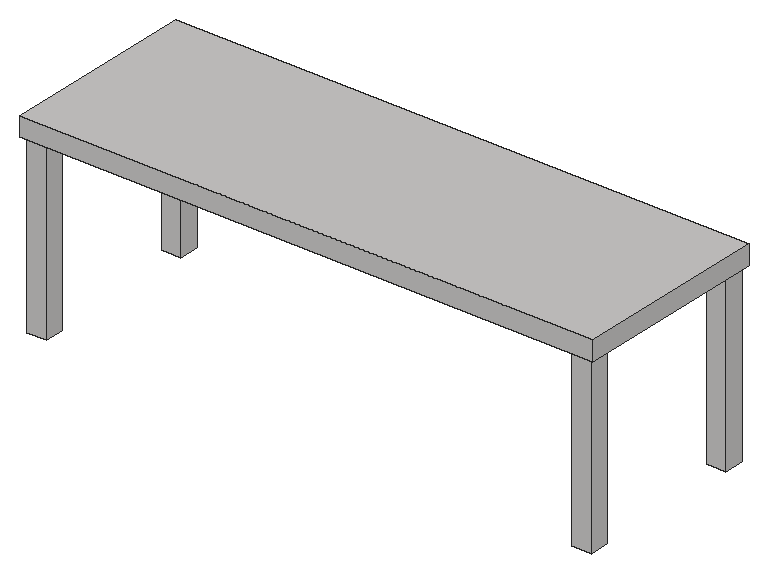
Revit family "QF_ZANUSSI_132989_OSH1L12", category Attrezzature speciali, Revit 2021
Family settings
  Quota connettore circolare = Usa diametro
  Tipo di parte = Normale
  Basato su piano di lavoro = No
  Sempre verticale = Sì
  Taglio con vuoti quando caricato = No
  Condiviso = No
  Punto di calcolo locali = No
Parameters (values of type "Standard")
  Weight = 20.00 kg
  Watts = 550 W
  Volts = 220 V
  URL Manufacturer = "http://www.zanussiprofessional.com"
  URL = "http://www.zanussiprofessional.com"
  Steam Supply Size = 0 mm
  Steam Supply Minimum Pressure = 0.0 Pa
  Steam Supply Maximum Pressure = 0.0 Pa
  Steam Consumption per Hour = 0
  Refrigeration Suction Line Size = 0.0 mm
  Refrigeration Liquid Line Size = 0.0 mm
  Refrigerant Compressor Remote = yes
  Prospetto di default = 0.0 mm
  Phase = 1
  Modello = "OSH1L12"
  Produttore = "Zanussi"
  Length Actual = 1175.0 mm  # constant formula
  Item Number = "132989"
  Hot Water Size = 0 mm
  Height Actual = 400.0 mm  # constant formula
  HP = "0.7 HP"
  Gas Size = 0 mm
  Gas KW = 0
  Gas Input Pressure = 0 W
  Direct Waste Size = 0 mm
  Descrizione = "OVERSHELF, LED&CERAMIC, ONE TIER, 1200MM"
  Depth Actual = 400.0 mm  # constant formula
  Cycle = 50 Hz
  Condensate Return Size = 0 mm
  Compressed Air Volume = 0.0 L/s
  Compressed Air Size = 0 mm
  Compressed Air Pressure = 0.0 Pa
  Cold Water Size = 0 mm
  Accessory = yes
Reference planes
  plane 1 "Center (Front/Back)": y = 0
  plane 2: z = 0
  plane 3 "Center (Left/Right)": x = -87.5
  plane 4 "LEFT": x = -675
  plane 5 "RIGHT": x = 500
  plane 6 "BACK": y = 350
  plane 7 "FRONT": y = -50
  plane 8 "Base": z = 1260
  plane 9 "TOP": z = 1300
  plane 10: x = -647.2
  plane 11: x = 472.2
  plane 12: y = 322.2
  plane 13: y = -22.2
  plane 14: z = 900
  plane 15 "HotElemLeft": x = -447.5
  plane 16 "HotElemRight": x = 272.5
  plane 17 "Button": x = 242.5
  plane 18 "Pulsante": through (0, 98.177, 1177.215) normal (0, 0.9659, -0.2588)
  plane 19: x = -417.5
  plane 20 "LedRight": x = 367.5
  plane 21 "LedLeft": x = -542.5
Forms (mm)
  Extrusion 1, solid, material "QF_Finishes_Stainless Steel"
    sketch origin (-87.5, 0, 900) x (0, 1, 0) y (0, 0, 1)
      loop
        line (-50, 360) -> (350, 360) -> (350, 400) -> (-50, 400) -> (-50, 360)
    from 587.5 to -587.5
  Extrusion 2, solid, material "QF_Finishes_Stainless Steel"
    sketch origin (-447.5, 0, 0) x (0, 0, -1) y (0, -1, 0)
      loop
        line (-1260, -125) -> (-1260, -175) -> (-1240, -175) -> (-1240, -185) -> (-1177.215, -201.823) -> (-1177.215, -189.823) -> (-1200.196, -170.54) -> (-1200.196, -129.46) -> (-1177.215, -110.177) -> (-1177.215, -98.177) -> (-1240, -115) -> (-1240, -125) -> (-1260, -125)
    from -2 to 0
  Extrusion 3, solid, material "QF_Finishes_Stainless Steel"
    sketch origin (272.5, 0, 0) x (0, 0, -1) y (0, -1, 0)
      loop
        line (-1260, -125) -> (-1260, -175) -> (-1240, -175) -> (-1240, -185) -> (-1177.215, -201.823) -> (-1177.215, -189.823) -> (-1200.196, -170.54) -> (-1200.196, -129.46) -> (-1177.215, -110.177) -> (-1177.215, -98.177) -> (-1240, -115) -> (-1240, -125) -> (-1260, -125)
    from 0 to 2
  Extrusion 4, solid, material "QF_Finishes_Stainless Steel"
    sketch origin (-87.5, 0, 0) x (0, 1, 0) y (0, 0, 1)
      loop
        line (175, 1260) -> (125, 1260) -> (125, 1240) -> (115, 1240) -> (98.177, 1177.215) -> (110.177, 1177.215) -> (110.177, 1179.215) -> (100.783, 1179.215) -> (116.535, 1238) -> (127, 1238) -> (127, 1258) -> (173, 1258) -> (173, 1238) -> (183.465, 1238) -> (199.217, 1179.215) -> (189.823, 1179.215) -> (189.823, 1177.215) -> (201.823, 1177.215) -> (185, 1240) -> (175, 1240) -> (175, 1260)
      loop
        line (170.54, 1200.196) -> (170.54, 1202.196) -> (129.46, 1202.196) -> (129.46, 1200.196) -> (170.54, 1200.196)
    from 358 to -358
  Extrusion 5, solid, material "QF_Plastic-Black-Matte"
    sketch origin (80.054, -206.22, 41.192) x (0, -0.258819, -0.965926) y (-1, 0, 0)
      loop
        line (-1235.373, -146.446) -> (-1235.373, -178.446) -> (-1215.373, -178.446) -> (-1215.373, -146.446) -> (-1235.373, -146.446)
      loop
        line (-1233.373, -148.446) -> (-1233.373, -176.446) -> (-1217.373, -176.446) -> (-1217.373, -148.446) -> (-1233.373, -148.446)
    from 0 to -2
  Sweep 6, solid, material "QF_Finishes_Green"
    path origin (80.054, -206.22, 41.192) x (0, -0.258819, -0.965926) y (-1, 0, 0)
      loop
        line (-1233.373, -148.446) -> (-1217.373, -148.446)
    profile origin (228.5, 110.93, 1224.811) x (-1, 0, 0) y (0, 0.965926, -0.258819)
      loop
        line (0, 0) -> (-28, 0) -> (-28, -2) -> (-14, -2) -> (-2.294, -8) -> (0, 0)
  Extrusion 7, solid, material "QF_Finishes_Light"
    sketch origin (-87.5, 0, 0) x (0, 1, 0) y (0, 0, 1)
      loop
        arc (175.262, 1176.834) -> (179.051, 1178.162) -> (178.135, 1182.071) r 3.003
        arc (178.135, 1182.071) -> (168.398, 1186.322) -> (158.051, 1188.738) r 58.388
        line (158.051, 1188.738) -> (158.051, 1200.196) -> (141.949, 1200.196) -> (141.949, 1189.541)
        arc (141.949, 1189.541) -> (131.603, 1187.125) -> (121.866, 1182.874) r 58.388
        arc (121.866, 1182.874) -> (120.548, 1178.491) -> (124.821, 1176.854) r 3.362
        arc (124.821, 1176.854) -> (150.044, 1183.315) -> (175.262, 1176.834) r 52.386
    from -330 to 330
  Extrusion 8, void
    sketch origin (-87.5, 0, 0) x (0, 1, 0) y (0, 0, 1)
      loop
        line (297.2, 1260) -> (297.2, 1270) -> (277.2, 1270) -> (277.2, 1260) -> (297.2, 1260)
    from -455 to 455
  Extrusion 9, solid, material "QF_Finishes_Light"
    sketch origin (-87.5, 0, 0) x (0, 1, 0) y (0, 0, 1)
      loop
        line (297.2, 1270) -> (277.2, 1270) -> (277.2, 1260) -> (297.2, 1260) -> (297.2, 1270)
    from -455 to 455
Cuts and joins
  Extrusion 8 cuts Extrusion 1
Lines and regions (mm)
  symbolic lines
    curve 1: line (500, 350, 1300) -> (-675, 350, 1300)
    curve 2: line (-675, 350, 1300) -> (-675, -50, 1300)
    curve 3: line (-675, -50, 1300) -> (500, -50, 1300)
    curve 4: line (500, -50, 1300) -> (500, 350, 1300)
    curve 5: line (-675, -50, 1300) -> (500, 350, 1300)
  symbolic lines, style "SpecialityEquipmentHiddenLines"
    curve 6: line (-667.2, -2.2, 1300) -> (-627.2, -2.2, 1300)
    curve 7: line (-627.2, -2.2, 1300) -> (-627.2, -42.2, 1300)
    curve 8: line (-627.2, -42.2, 1300) -> (-667.2, -42.2, 1300)
    curve 9: line (-667.2, -42.2, 1300) -> (-667.2, -2.2, 1300)
    curve 10: line (-667.2, 342.2, 1300) -> (-627.2, 342.2, 1300)
    curve 11: line (-627.2, 342.2, 1300) -> (-627.2, 302.2, 1300)
    curve 12: line (-627.2, 302.2, 1300) -> (-667.2, 302.2, 1300)
    curve 13: line (-667.2, 302.2, 1300) -> (-667.2, 342.2, 1300)
    curve 14: line (452.2, 342.2, 1300) -> (492.2, 342.2, 1300)
    curve 15: line (492.2, 342.2, 1300) -> (492.2, 302.2, 1300)
    curve 16: line (492.2, 302.2, 1300) -> (452.2, 302.2, 1300)
    curve 17: line (452.2, 302.2, 1300) -> (452.2, 342.2, 1300)
    curve 18: line (452.2, -2.2, 1300) -> (492.2, -2.2, 1300)
    curve 19: line (492.2, -2.2, 1300) -> (492.2, -42.2, 1300)
    curve 20: line (492.2, -42.2, 1300) -> (452.2, -42.2, 1300)
    curve 21: line (452.2, -42.2, 1300) -> (452.2, -2.2, 1300)
Dimensions and locks
  plane 4 "LEFT" to plane 5 "RIGHT" = 1175.0 mm
  equal spacing: plane 4 "LEFT", plane 3 "Center (Left/Right)", plane 5 "RIGHT"
  plane 4 "LEFT" to plane 10 = 27.8 mm
  plane 11 to plane 5 "RIGHT" = 27.8 mm
  plane 10 to plane 11 = 1119.4 mm
  plane 6 "BACK" to plane 12 = 27.8 mm
  plane 13 to plane 7 "FRONT" = 27.8 mm
  plane 6 "BACK" to plane 7 "FRONT" = 400.0 mm
  plane 12 to plane 13 = 344.4 mm
  plane 6 "BACK" to plane 1 "Center (Front/Back)" to plane 7 "FRONT" = 350.0 mm, 50.0 mm
  plane 14 to level = 900.0 mm
  locked: plane 8 "Base" to plane 14 at 360
  locked: plane 9 "TOP" to plane 14 at 400
  plane 3 "Center (Left/Right)" to plane 15 "HotElemLeft" = 360.0 mm
  plane 16 "HotElemRight" to plane 3 "Center (Left/Right)" = 360.0 mm
  locked: plane 17 "Button" to plane 16 "HotElemRight" at 30
  locked: plane 15 "HotElemLeft" to plane 19 at 30
  plane 3 "Center (Left/Right)" to plane 21 "LedLeft" = 455.0 mm
  plane 20 "LedRight" to plane 3 "Center (Left/Right)" = 455.0 mm
  aligned and locked: level to plane 2
  aligned and locked: plane 10 to nested 1
  aligned and locked: nested 1 to plane 13
  aligned and locked: plane 11 to nested 2
  aligned and locked: nested 2 to plane 13
  aligned and locked: plane 11 to nested 4
  aligned and locked: nested 4 to plane 12
  aligned and locked: plane 10 to nested 3
  aligned and locked: nested 3 to plane 12
  aligned and locked: Extrusion 1 to plane 4 "LEFT"
  aligned and locked: plane 5 "RIGHT" to Extrusion 1
  aligned and locked: curve 2 to plane 4 "LEFT"
  aligned and locked: plane 15 "HotElemLeft" to Extrusion 2
  aligned and locked: Extrusion 3 to plane 16 "HotElemRight"
  aligned and locked: Extrusion 4 to Extrusion 2
  aligned and locked: Extrusion 4 to Extrusion 3
  aligned and locked: plane 17 "Button" to Sweep 6
  aligned and locked: Extrusion 7 to plane 19
  aligned and locked: plane 17 "Button" to Extrusion 7
  aligned and locked: cut or joined group of Extrusion 1, Extrusion 8 to plane 21 "LedLeft"
  aligned and locked: plane 20 "LedRight" to cut or joined group of Extrusion 1, Extrusion 8
  aligned and locked: Extrusion 9 to plane 21 "LedLeft"
  aligned and locked: plane 20 "LedRight" to Extrusion 9
Automatic sketch dimensions
  curve 4 to plane 5 "RIGHT" = 0.0 mm
  curve 4 to plane 7 "FRONT" = 0.0 mm
  curve 4 to plane 6 "BACK" = 0.0 mm
  plane 7 "FRONT" to curve 20 = 7.8 mm
  plane 7 "FRONT" to curve 9 = 7.8 mm
  plane 1 "Center (Front/Back)" to curve 6 = 2.2 mm
  plane 1 "Center (Front/Back)" to curve 21 = 2.2 mm
  curve 11 to plane 12 = 20.0 mm
  curve 17 to plane 12 = 20.0 mm
  curve 15 to plane 6 "BACK" = 7.8 mm
  curve 13 to plane 6 "BACK" = 7.8 mm
  curve 19 to plane 5 "RIGHT" = 7.8 mm
  curve 15 to plane 5 "RIGHT" = 7.8 mm
  curve 16 to plane 11 = 20.0 mm
  curve 18 to plane 11 = 20.0 mm
  plane 10 to curve 11 = 20.0 mm
  plane 10 to curve 6 = 20.0 mm
  plane 4 "LEFT" to curve 9 = 7.8 mm
  plane 4 "LEFT" to curve 10 = 7.8 mm
  Extrusion 1 sketch curve to plane 7 "FRONT" = 0.0 mm
  Extrusion 1 sketch curve to plane 6 "BACK" = 0.0 mm
  Extrusion 1 sketch curve to plane 8 "Base" = 0.0 mm
  Extrusion 1 sketch curve to plane 9 "TOP" = 0.0 mm
  Extrusion 2 sketch curve to plane 8 "Base" = 0.0 mm
  Extrusion 2 sketch curve to plane 8 "Base" = 20.0 mm  (x2)
  Extrusion 2 sketch curve to Extrusion 2 sketch curve = 39.804 mm
  Extrusion 2 sketch curve to Extrusion 2 sketch curve = 22.981 mm  (x2)
  Extrusion 2 sketch curve to plane 12 = 120.377 mm
  Extrusion 2 sketch curve to Extrusion 2 sketch curve = 12.0 mm  (x2)
  Extrusion 2 sketch curve to Extrusion 2 sketch curve = 4.823 mm
  Extrusion 2 sketch curve to Extrusion 2 sketch curve = 10.0 mm  (x2)
  Extrusion 2 sketch curve to Extrusion 2 sketch curve = 19.284 mm  (x2)
  Extrusion 2 sketch curve to Extrusion 2 sketch curve = 41.079 mm
  Extrusion 2 sketch curve to Extrusion 2 sketch curve = 50.0 mm
  Extrusion 3 sketch curve to plane 8 "Base" = 0.0 mm
  Extrusion 3 sketch curve to Extrusion 3 sketch curve = 20.0 mm
  Extrusion 3 sketch curve to plane 8 "Base" = 20.0 mm
  Extrusion 3 sketch curve to Extrusion 3 sketch curve = 39.804 mm
  Extrusion 3 sketch curve to Extrusion 3 sketch curve = 22.981 mm  (x2)
  Extrusion 3 sketch curve to plane 12 = 120.377 mm
  Extrusion 3 sketch curve to Extrusion 3 sketch curve = 12.0 mm  (x2)
  Extrusion 3 sketch curve to Extrusion 3 sketch curve = 4.823 mm
  Extrusion 3 sketch curve to Extrusion 3 sketch curve = 10.0 mm  (x2)
  Extrusion 3 sketch curve to Extrusion 3 sketch curve = 19.284 mm  (x2)
  Extrusion 3 sketch curve to Extrusion 3 sketch curve = 41.079 mm
  Extrusion 3 sketch curve to Extrusion 3 sketch curve = 50.0 mm
  plane 17 "Button" to Extrusion 5 sketch curve = 16.0 mm
  Extrusion 5 sketch curve to Extrusion 5 sketch curve = 20.0 mm
  Extrusion 5 sketch curve to Extrusion 5 sketch curve = 32.0 mm
  Extrusion 5 sketch curve to Extrusion 5 sketch curve = 2.0 mm  (x4)
  Sweep 6 sketch curve to plane 17 "Button" = 14.0 mm
  Sweep 6 sketch curve to Sweep 6 sketch curve = 16.0 mm
  plane 18 "Pulsante" to Sweep 6 sketch curve = 0.0 mm
  Sweep 6 sketch curve to profile plane = 0.0 mm
  Sweep 6 sketch curve to plane 18 "Pulsante" = 2.0 mm
  profile plane to Sweep 6 sketch curve = 14.0 mm
  Sweep 6 sketch curve to Sweep 6 sketch curve = 14.0 mm
  profile plane to Sweep 6 sketch curve = 2.294 mm
  Sweep 6 sketch curve to plane 18 "Pulsante" = 8.0 mm
  Extrusion 7 sketch curve to Extrusion 7 sketch curve = 0.021 mm
  Extrusion 7 sketch curve to plane 1 "Center (Front/Back)" = 123.566 mm
  Extrusion 7 sketch curve to Extrusion 7 sketch curve = 18.383 mm
  Extrusion 7 sketch curve to Extrusion 7 sketch curve = 16.102 mm
  Extrusion 7 sketch curve to Extrusion 7 sketch curve = 18.367 mm
  Extrusion 7 sketch curve to plane 8 "Base" = 129.071 mm
  Extrusion 7 sketch curve to Extrusion 7 sketch curve = 1.7 mm
  Extrusion 7 sketch curve to Extrusion 7 sketch curve = 1.255 mm
  Extrusion 7 sketch curve to Extrusion 7 sketch curve = 1.156 mm
  Extrusion 7 sketch curve to Extrusion 7 sketch curve = 1.717 mm
  Extrusion 7 sketch curve to Extrusion 7 sketch curve = 3.119 mm
  Extrusion 7 sketch curve to Extrusion 7 sketch curve = 0.023 mm
  Extrusion 7 sketch curve to Extrusion 7 sketch curve = 25.18 mm
  Extrusion 7 sketch curve to Extrusion 7 sketch curve = 48.677 mm
  Extrusion 7 sketch curve to Extrusion 7 sketch curve = 11.458 mm
  Extrusion 7 sketch curve to Extrusion 7 sketch curve = 0.024 mm
  Extrusion 7 sketch curve to Extrusion 7 sketch curve = 0.782 mm
  Extrusion 7 sketch curve to Extrusion 7 sketch curve = 0.367 mm
  plane 18 "Pulsante" to Extrusion 4 sketch curve = 0.0 mm  (x2)
  Extrusion 4 sketch curve to plane 8 "Base" = 0.0 mm
  Extrusion 4 sketch curve to plane 8 "Base" = 82.785 mm
  Extrusion 4 sketch curve to Extrusion 4 sketch curve = 2.606 mm  (x2)
  Extrusion 4 sketch curve to Extrusion 4 sketch curve = 9.394 mm  (x2)
  Extrusion 4 sketch curve to plane 8 "Base" = 20.0 mm  (x2)
  Extrusion 4 sketch curve to Extrusion 4 sketch curve = 1.535 mm  (x2)
  Extrusion 4 sketch curve to Extrusion 4 sketch curve = 8.465 mm  (x2)
  Extrusion 4 sketch curve to Extrusion 4 sketch curve = 2.0 mm  (x6)
  Extrusion 4 sketch curve to Extrusion 4 sketch curve = 19.284 mm  (x2)
  Extrusion 4 sketch curve to plane 8 "Base" = 22.0 mm
  Extrusion 4 sketch curve to Extrusion 4 sketch curve = 46.0 mm
  Extrusion 4 sketch curve to Extrusion 4 sketch curve = 6.358 mm
  Extrusion 4 sketch curve to Extrusion 4 sketch curve = 60.785 mm
  Extrusion 4 sketch curve to Extrusion 4 sketch curve = 20.981 mm
  Extrusion 4 sketch curve to plane 8 "Base" = 2.0 mm
  Extrusion 8 sketch curve to plane 8 "Base" = 0.0 mm
  plane 8 "Base" to Extrusion 8 sketch curve = 10.0 mm
  Extrusion 8 sketch curve to plane 12 = 45.0 mm
  Extrusion 8 sketch curve to Extrusion 8 sketch curve = 20.0 mm
  Extrusion 9 sketch curve to plane 8 "Base" = 0.0 mm
  plane 8 "Base" to Extrusion 9 sketch curve = 10.0 mm
  Extrusion 9 sketch curve to plane 12 = 45.0 mm
  Extrusion 9 sketch curve to Extrusion 9 sketch curve = 20.0 mm
Nested families
  nested 1: "FEET_40x40_H360" at (-647.2, -22.2, 900), type "FEET_40x40_H360"
  nested 2: "FEET_40x40_H360" at (472.2, -22.2, 900), type "FEET_40x40_H360"
  nested 3: "FEET_40x40_H360" at (-647.2, 322.2, 900), type "FEET_40x40_H360"
  nested 4: "FEET_40x40_H360" at (472.2, 322.2, 900), type "FEET_40x40_H360"
Connectors
  electrical at (242.5, 108.998, 1225.328), driven by "Volts"
    settings: on Extrusion 5, index 1, voltage 220 V, apparent load 0 VA, apparent load phase1 0 VA, apparent load phase2 0 VA, apparent load phase3 0 VA, power factor 1, load classification "Other", number of poles 1, system type 30, power factor state 1, is connector primary yes, connector utility no, sub classification motor no, connector description "Electrical Connection"
Definition of nested family "FEET_40x40_H360"
  Parameters
    Default Elevation = 0.0 mm
    FEET = 360.0 mm
  Reference planes
    plane 1 "Center (Front/Back)": y = 0
    plane 2: z = 0
    plane 3 "Center (Left/Right)": x = 0
    plane 4: z = 360
  Forms (mm)
    Extrusion 1, solid
      sketch origin (0, 0, 0) x (1, 0, 0) y (0, 1, 0)
        loop
          line (-20, -20) -> (20, -20) -> (20, 20) -> (-20, 20) -> (-20, -20)
      from 0 to 360
  Lines and regions (mm)
    symbolic lines
      curve 1: line (0, -1.503, 0) -> (0, 1.508, 0)
      curve 2: line (1.561, 0, 0) -> (-1.439, 0, 0)
  Dimensions and locks
    "FEET": plane 4 to plane 2
    aligned and locked: level to plane 2
  Automatic sketch dimensions
    plane 1 "Center (Front/Back)" to curve 2 = 0.0 mm
    curve 1 to plane 3 "Center (Left/Right)" = 0.0 mm
    curve 2 to plane 3 "Center (Left/Right)" = 1.439 mm
    plane 3 "Center (Left/Right)" to curve 2 = 1.561 mm
    plane 1 "Center (Front/Back)" to curve 1 = 1.503 mm
    curve 1 to plane 1 "Center (Front/Back)" = 1.508 mm
    Extrusion 1 sketch curve to plane 3 "Center (Left/Right)" = 20.0 mm
    plane 3 "Center (Left/Right)" to Extrusion 1 sketch curve = 20.0 mm
    plane 1 "Center (Front/Back)" to Extrusion 1 sketch curve = 20.0 mm
    Extrusion 1 sketch curve to plane 1 "Center (Front/Back)" = 20.0 mm
